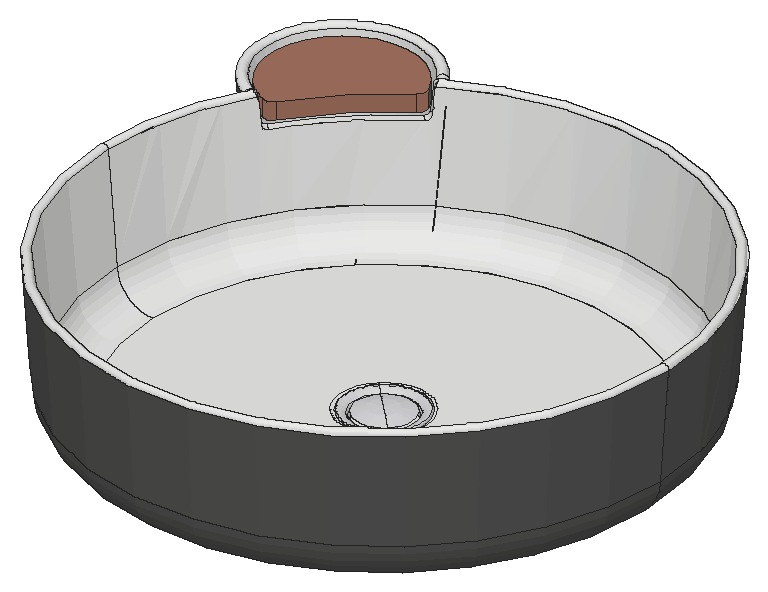
Revit family "Sink-Undermount-Vessel-Lavatory-KOHLER-SYLVA-K-1766T_1", category Plumbing Fixtures, host Face, Revit 2017
Family settings
  Host = Face
  Round Connector Dimension = Use Diameter
  Part Type = Normal
  OmniClass Number = 23.31.13.00
  OmniClass Title = Sinks
  Cut with Voids When Loaded = No
  Shared = No
  Room Calculation Point = No
Parameters (values of type "0-White")
  Width = 15 131/256"  # constant formula
  WaterSense Certified = 1 = 0  # no
  Waste Water Outlet = "Waste Water Outlet"  # constant formula
  Waste Connection = 1 = 1  # yes
  Vessel [instance] = not(Under Mount)  # no
  Vent Connection = 1 = 0  # no
  Under Mount [instance] = yes
  URL = "http://www.kohler.com.cn/en/"
  Top Cut [instance] = if(Vessel, 4 51/256", 0")  # 0"
  Product Page URL = "https://www.kohler.com.cn/product/K-1766T/K-1766T-0/"
  Product Name = "SYLVA"  # constant formula
  Product Documentation Link = ""
  Model = "K-1766T-0"  # constant formula
  Material = "Cast Iron"  # constant formula
  Master Format 2014 Name = "Residential Lavatories and Sinks"  # constant formula
  Master Format 2014 = "22 41 16"  # constant formula
  Manufacturer Address = "158 Jiangchang 3rd Road Zhabei District Shanghai, 200436 China"  # constant formula
  Manufacturer = "KOHLER Co."  # constant formula
  Length = 15 131/256"  # constant formula
  Installation Height [instance] = if(Under Mount, 0", 5 17/256")  # 0"
  Hot Water Inlet = "Hot Water Inlet"  # constant formula
  Height = 5 121/256"  # constant formula
  HW Connection = 1 = 0  # no
  Finish = KOHLER-Cast_Iron-0-White
  Environmental Product Declaration = ""
  Drain Included = 1 = 0  # no
  Description = "Fashion washbasin / under counter washbasin"  # constant formula
  Default Elevation = 36"
  Declare Label = ""
  Date Modified = "07/01/2020"  # constant formula
  Date Created = "07/01/2020"  # constant formula
  Copyright = "Copyright KOHLER Co."  # constant formula
  Contact Us = "http://www.kohler.com.cn/en/contact/contact-us/"
  Cold Water Inlet = "Cold Water Inlet"  # constant formula
  CW Connection = 1 = 0  # no
  Assembly Code = "D2010400"
  ADA Compliant = 1 = 0  # no
Reference planes (in)
  plane 1 "Center (Front/Back)": y = 0
  plane 2: z = 0
  plane 3 "Center (Left/Right)": x = 0
  plane 4: y = 8.04321
  plane 5: y = 7.75581
  plane 6: y = -7.75591
  plane 7: z = 0
  plane 8: z = 0
  plane 9: x = -7.75591
  plane 10: x = 7.75581
  plane 11: z = -1
  plane 12: z = -5.88189
  plane 13: z = -6.47244
  plane 14: z = -1
  plane 15: z = 0
  plane 16: z = -5.06808
  plane 17: z = -1
  plane 18: z = -6.47266
Forms (in)
  Extrusion 1, void
    sketch origin (0, 0, 0) x (1, 0, 0) y (0, 1, 0)
      loop
        circle (-0.00005, 0.00005) r 7.38189
    from -1 to 0
  Extrusion 2, void
    sketch origin (0, 0, 0) x (1, 0, 0) y (0, 1, 0)
      loop
        arc (-6.93392, 3.79846) -> (5.51437, -5.49162) -> (-3.75664, 6.97088) r 7.84877
        arc (-3.75664, 6.97088) -> (-7.33135, 7.37379) -> (-6.93392, 3.79846) r 2.30193
    from -5.06808 to -1
  Extrusion 3, void
    sketch origin (0, 0, 0) x (1, 0, 0) y (0, 1, 0)
      loop
        arc (-4.92662, 3.25629) -> (4.17583, -4.17583) -> (-3.25629, 4.92662) r 5.90551
        line (-3.25629, 4.92662) -> (-5.00441, 6.67474)
        arc (-5.00441, 6.67474) -> (-6.67474, 6.67474) -> (-6.67474, 5.00441) r 1.1811
        line (-6.67474, 5.00441) -> (-4.92662, 3.25629)
    from -6.47244 to -5.06808
Dimensions and locks (in)
  plane 4 to plane 6 = 15.79912"
  "Width": plane 9 to plane 10
  "Length": plane 5 to plane 6
  plane 11 to plane 12 = 4.88189"
  locked: plane 11 to plane 13 at 5.47244
  locked: host face to plane 14 at 1
  "Installation Height": plane 11 to plane 14
  locked: plane 15 to plane 11 at 1
  locked: plane 11 to plane 16 at 4.06808
  "Height": plane 17 to plane 18
  aligned and locked: plane 2 to host face
  aligned and locked: level to host face
  aligned and locked: plane 11 to nested 1
  aligned and locked: plane 11 to Extrusion 2
  aligned and locked: Extrusion 1 to plane 11
  aligned and locked: plane 15 to Extrusion 1
  aligned and locked: plane 13 to Extrusion 3
  aligned and locked: plane 16 to Extrusion 2
  aligned and locked: Extrusion 3 to plane 16
  aligned and locked: plane 11 to plane 17
Automatic sketch dimensions
  host sketch curve to host sketch curve = 96"  (x2)
  Extrusion 1 sketch curve to plane 3 "Center (Left/Right)" = 0.00005"
  Extrusion 1 sketch curve to plane 1 "Center (Front/Back)" = 0.00005"
  plane 5 to Extrusion 2 sketch curve = 2.01098"
  Extrusion 2 sketch curve to plane 3 "Center (Left/Right)" = 5.70489"
  Extrusion 2 sketch curve to plane 3 "Center (Left/Right)" = 0.0313"
  Extrusion 2 sketch curve to plane 1 "Center (Front/Back)" = 0.06255"
  Extrusion 2 sketch curve to Extrusion 2 sketch curve = 1.22903"
  plane 5 to Extrusion 2 sketch curve = 0.78493"
  plane 1 "Center (Front/Back)" to Extrusion 3 sketch curve = 0"
  Extrusion 3 sketch curve to plane 3 "Center (Left/Right)" = 0"
  plane 5 to Extrusion 3 sketch curve = 1.08107"
  Extrusion 3 sketch curve to plane 9 = 2.75149"
  Extrusion 3 sketch curve to Extrusion 3 sketch curve = 0.83517"
  Extrusion 3 sketch curve to plane 9 = 1.08116"
  Extrusion 3 sketch curve to Extrusion 3 sketch curve = 1.67033"  (x3)
  Extrusion 3 sketch curve to plane 3 "Center (Left/Right)" = 3.25629"
  radius of Extrusion 1 sketch curve = 7.38189"
Nested families (in)
  nested 1: "K-1766T" at (0, 0, -6.47244), type "K-1766T"
Connectors (in)
  piping at (0, 0, -6.47244), diameter 1.25, driven by "Waste Connection", driven by "Waste Water Outlet"
    settings: on nested 1, index 1, connector inside diameter 24", connector length 0", flow factor 0, pipe flow 0 GPM, pressure drop 0.00 psi, fitting loss kfactor 0, connector angle 0.00°, fixture units 0, engagement length 0", angle of deflection 0.00°, flow configuration 0, flow direction 2, fitting loss method 0, system type 16, joint type 0, gender type 0, connector reference index -1, connector utility 1, adjustable connector no, is connector primary yes, connector description "Waste Water Outlet"
Definition of nested family "K-1766T"
  Parameters (values of type "K-1766T")
    Material = none
  Reference planes (in)
    plane 1 "Center (Front/Back)": y = 0
    plane 2: z = 0
    plane 3 "Center (Left/Right)": x = 0
    plane 4: x = 7.75591
    plane 5: y = 7.75591
    plane 6: y = -7.75591
    plane 7: x = -7.75591
    plane 8: y = 8.0315
    plane 9 "B": through (-7.58274, 7.15742, 48) normal (-0.7071, 0.7071, 0)
    plane 10: through (5.48444, -5.54658, 48) normal (-0.7071, 0.7071, 0)
    plane 11: z = 5.47244
    plane 12: z = 0.59055
    plane 13 "A": through (-7.75591, 7.75591, 48) normal (0.7071, 0.7071, 0)
    plane 14: z = 5.34923
  Forms (in)
    Sweep 1, solid, material <- "Material", detail levels medium+fine
      path origin (0, 0, 0) x (1, 0, 0) y (0, 1, 0)
        loop
          circle (0, 0) r 7.75591
      profile origin (7.75591, 0, 0) x (-1, 0, 0) y (0, 0, 1)
        loop
          arc (0.21986, 2.56699) -> (0.62044, 1.73634) -> (1.47895, 1.39958) r 1.26269
          line (1.47895, 1.39958) -> (5.62208, 1.39958) -> (5.62208, 1.68702) -> (1.45282, 1.68702)
          arc (1.45282, 1.68702) -> (0.78664, 1.94674) -> (0.47203, 2.58882) r 0.98425
          line (0.47203, 2.58882) -> (0.23827, 5.36939)
          arc (0.23827, 5.36939) -> (0.11462, 5.47431) -> (0.00918, 5.35109) r 0.11491
          line (0.00918, 5.35109) -> (0.21986, 2.56699)
    Extrusion 2, solid, material <- "Material", detail levels medium+fine
      sketch origin (0, 0, 0) x (1, 0, 0) y (0, 1, 0)
        loop
          circle (0, 0) r 2.13383
      from 1.39958 to 1.68702
    Sweep 3, solid, material <- "Material", detail levels medium+fine
      path origin (0.09843, -0.09843, 0) x (1, 0, 0) y (0, 1, 0)
        loop
          line (-5.5926, 3.10106) -> (-6.85648, 3.79006)
          arc (-6.85648, 3.79006) -> (-7.44183, 7.2952) -> (-3.89845, 7.02477) r 2.25723
          line (-3.89845, 7.02477) -> (-3.07686, 5.79345)
      profile origin (-7.34341, 7.19678, 0) x (-0.737963, 0.674841, 0) y (0, 0, 1)
        loop
          line (-0.26805, 1.98493) -> (0.01623, 5.33509)
          arc (0.01623, 5.33509) -> (-0.09891, 5.47201) -> (-0.23617, 5.35727) r 0.12669
          line (-0.23617, 5.35727) -> (-0.53726, 2.04281)
          arc (-0.53726, 2.04281) -> (-0.66385, 1.78772) -> (-0.92935, 1.68472) r 0.3937
          line (-0.92935, 1.68472) -> (-1.83978, 1.68472) -> (-1.83978, 1.42882) -> (-0.87335, 1.42882)
          arc (-0.87335, 1.42882) -> (-0.46236, 1.58895) -> (-0.26805, 1.98493) r 0.60747
    Extrusion 4, solid, material <- "Material", detail levels medium+fine
      sketch origin (0.09843, -0.09843, 0) x (1, 0, 0) y (0, 1, 0)
        loop
          arc (-5.42883, 6.00363) -> (-6.08414, 6.05364) -> (-5.97589, 5.4054) r 0.41745
          line (-5.97589, 5.4054) -> (-4.48872, 4.59469) -> (-5.42883, 6.00363)
      from 1.42882 to 1.68472
    Extrusion 5, void
      sketch origin (0, 0, 0) x (-0.707107, 0.707107, 0) y (0, 0, 1)
        loop
          line (7.37733, 5.65248) -> (5.77362, 5.65248) -> (5.77362, 1.63551) -> (6.31496, 1.63551)
          arc (6.31496, 1.63551) -> (6.95026, 1.87626) -> (7.26646, 2.47757) r 0.95862
          line (7.26646, 2.47757) -> (7.37733, 5.65248)
      from -3.18225 to 2.66759
    Extrusion 6, void
      sketch origin (-7.37008, 7.37008, 0) x (-0.707107, -0.707107, 0) y (0, 0, 1)
        loop
          arc (1.67824, 4.55253) -> (1.78272, 4.59264) -> (1.83351, 4.69235) r 0.15612
          line (1.83351, 4.69235) -> (1.89807, 5.30736)
          arc (1.89807, 5.30736) -> (1.9487, 5.43209) -> (2.05802, 5.51066) r 0.2427
          line (2.05802, 5.51066) -> (2.05802, 5.80574) -> (-2.05802, 5.80574) -> (-2.05802, 5.51066)
          arc (-2.05802, 5.51066) -> (-1.9487, 5.43209) -> (-1.89807, 5.30736) r 0.2427
          line (-1.89807, 5.30736) -> (-1.83364, 4.69357)
          arc (-1.83364, 4.69357) -> (-1.7824, 4.59299) -> (-1.67702, 4.55253) r 0.15748
          line (-1.67702, 4.55253) -> (1.67824, 4.55253)
      from -3.5512 to -2.03739
    Extrusion 7, solid, detail levels medium+fine
      sketch origin (0.0087, -0.0087, 0) x (1, 0, 0) y (0, 1, 0)
        loop
          arc (-4.08784, 6.21649) -> (-3.9907, 6.34839) -> (-4.00271, 6.51176) r 0.23622
          arc (-4.00271, 6.51176) -> (-7.06729, 7.0658) -> (-6.51195, 4.00145) r 1.89491
          arc (-6.51195, 4.00145) -> (-6.34896, 3.98953) -> (-6.21739, 4.08648) r 0.2357
          arc (-6.21739, 4.08648) -> (-5.2614, 5.26024) -> (-4.08784, 6.21649) r 7.44896
      from 4.77323 to 5.20966
    Sweep 8, solid, material <- "Material", detail levels medium+fine
      path origin (0, 0, 0) x (-0.707107, 0.707107, 0) y (0, 0, 1)
        loop
          arc (9.42399, 1.51591) -> (9.29363, 1.41194) -> (9.18382, 1.28646) r 0.93478
          arc (9.18382, 1.28646) -> (8.5826, 0.76484) -> (7.81369, 0.55908) r 1.77165
          line (7.81369, 0.55908) -> (1.17815, 0.32736)
      profile origin (-3.1791, 3.1791, 0.44322) x (-0.024678, 0.024678, -0.999391) y (0.707107, 0.707107, 0)
        loop
          arc (-0.25483, -0.47011) -> (-0.00017, 0.0004) -> (-0.25483, 0.47091) r 0.56198
          line (-0.25483, 0.47091) -> (-0.69166, 0.75623)
          arc (-0.69166, 0.75623) -> (-0.93677, 1.00394) -> (-1.05822, 1.33058) r 0.82779
          line (-1.05822, 1.33058) -> (-1.05822, -1.18297)
          arc (-1.05822, -1.18297) -> (-0.89032, -0.93307) -> (-0.66242, -0.73633) r 1.13065
          line (-0.66242, -0.73633) -> (-0.25483, -0.47011)
    Extrusion 9, void
      sketch origin (0, 0, 0) x (-0.707107, 0.707107, 0) y (0, 0, 1)
        loop
          line (9.4967, 1.59861) -> (9.4967, 2.50412) -> (7.75616, 2.50412) -> (7.75616, 1.59861) -> (9.4967, 1.59861)
      from -1.43676 to 2.05349
    Revolve 10, solid, material <- "Material", detail levels medium+fine
      sketch origin (0, 0, 0) x (-0.707107, 0.707107, 0) y (0, 0, 1)
        loop
          line (-0.94695, 0) -> (-0.94695, 0.19685) -> (-1.1438, 0.19685) -> (-1.31726, 1.29202) -> (0, 1.29202) -> (0, 1.42059) -> (-1.90744, 1.42059)
          arc (-1.90744, 1.42059) -> (-1.64146, 1.31716) -> (-1.51523, 1.0612) r 0.3937
          line (-1.51523, 1.0612) -> (-1.43811, 0.17969)
          arc (-1.43811, 0.17969) -> (-1.375, 0.05172) -> (-1.24201, 0) r 0.19685
          line (-1.24201, 0) -> (-0.94695, 0)
        axis (0, 1.42059) -> (0, 0)
      angle from 0 to 360
    Revolve 11, solid, detail levels medium+fine
      sketch origin (0, 0, 0.34449) x (-0.707107, 0.707107, 0) y (0, 0, 1)
        loop
          line (0.00007, 0.86823) -> (0.79692, 0.86823) -> (0.80705, 1.15818)
          arc (0.80705, 1.15818) -> (0.82162, 1.20109) -> (0.85745, 1.22883) r 0.07862
          line (0.85745, 1.22883) -> (1.04243, 1.29984)
          arc (1.04243, 1.29984) -> (1.06106, 1.33474) -> (1.02917, 1.35815) r 0.03021
          arc (1.02917, 1.35815) -> (0.9117, 1.32808) -> (0.81095, 1.2606) r 0.35877
          arc (0.81095, 1.2606) -> (0.79014, 1.23452) -> (0.77718, 1.20378) r 0.12192
          line (0.77718, 1.20378) -> (0.73527, 1.0474)
          arc (0.73527, 1.0474) -> (0.72393, 1.02651) -> (0.70435, 1.01305) r 0.05091
          line (0.70435, 1.01305) -> (0.62512, 0.98264) -> (0.62512, 0.94756) -> (0.2322, 0.94756) -> (0.2322, 1.09756) -> (0.42667, 1.09756)
          arc (0.42667, 1.09756) -> (0.44086, 1.10344) -> (0.44674, 1.11763) r 0.02007
          line (0.44674, 1.11763) -> (0.44674, 1.23723)
          arc (0.44674, 1.23723) -> (0.46441, 1.27989) -> (0.50707, 1.29756) r 0.06033
          line (0.50707, 1.29756) -> (0.73051, 1.29756)
          arc (0.73051, 1.29756) -> (0.36938, 1.37961) -> (0.00007, 1.40716) r 2.48882
          line (0.00007, 1.40716) -> (0.00007, 0.86823)
        axis (0.00007, 1.40716) -> (0.00007, 0.86823)
      angle from 0 to 360
    Revolve 12, void
      sketch origin (0, 0, 0.24606) x (-0.707107, 0.707107, 0) y (0, 0, 1)
        loop
          line (0.00007, 1.56574) -> (0.00007, 1.0506) -> (0.87883, 1.0506) -> (0.87883, 1.1689)
          arc (0.87883, 1.1689) -> (0.95851, 1.36128) -> (1.15088, 1.44096) r 0.27206
          line (1.15088, 1.44096) -> (1.25522, 1.44096) -> (1.25522, 1.56574) -> (0.00007, 1.56574)
        axis (0.00007, 1.0506) -> (0.00007, 1.56574)
      angle from 0 to 360
    Revolve 13, solid, material <- "Material", detail levels medium+fine
      sketch origin (0.0131, 5.114, 0) x (-0.707107, 0.707107, 0) y (0, 0, 1)
        loop
          line (-7.22461, 0.59055) -> (-7.22461, 1.40609) -> (-7.79835, 1.40609)
          arc (-7.79835, 1.40609) -> (-7.65821, 1.3523) -> (-7.59006, 1.21855) r 0.20943
          line (-7.59006, 1.21855) -> (-7.52406, 0.59055) -> (-7.22461, 0.59055)
        axis (-7.22461, 1.40609) -> (-7.22461, 0.59055)
      angle from 0 to 360
    Revolve 14, solid, material <- "Material", detail levels medium+fine
      sketch origin (-0.0131, 5.114, 0) x (0.707107, 0.707107, 0) y (0, 0, -1)
        loop
          line (-7.22461, -0.59055) -> (-7.52406, -0.59055) -> (-7.59006, -1.21855)
          arc (-7.59006, -1.21855) -> (-7.65821, -1.3523) -> (-7.79835, -1.40609) r 0.20943
          line (-7.79835, -1.40609) -> (-7.22461, -1.40609) -> (-7.22461, -0.59055)
        axis (-7.22461, -1.40609) -> (-7.22461, -0.59055)
      angle from 0 to 360
    Revolve 15, solid, material <- "Material", detail levels medium+fine
      sketch origin (5.1749, -0.07453, 0) x (0.716389, 0.697701, 0) y (0, 0, 1)
        loop
          line (-7.22461, 0.59055) -> (-7.22461, 1.40609) -> (-7.79835, 1.40609)
          arc (-7.79835, 1.40609) -> (-7.65821, 1.3523) -> (-7.59006, 1.21855) r 0.20943
          line (-7.59006, 1.21855) -> (-7.52406, 0.59055) -> (-7.22461, 0.59055)
        axis (-7.22461, 1.40609) -> (-7.22461, 0.59055)
      angle from 0 to 360
    Revolve 16, solid, material <- "Material", detail levels medium+fine
      sketch origin (5.03991, -0.06063, 0) x (0.697701, -0.716389, 0) y (0, 0, -1)
        loop
          line (-7.22461, -0.59055) -> (-7.52406, -0.59055) -> (-7.59006, -1.21855)
          arc (-7.59006, -1.21855) -> (-7.65821, -1.3523) -> (-7.79835, -1.40609) r 0.20943
          line (-7.79835, -1.40609) -> (-7.22461, -1.40609) -> (-7.22461, -0.59055)
        axis (-7.22461, -1.40609) -> (-7.22461, -0.59055)
      angle from 0 to 360
    Extrusion 17, solid, material <- "Material", detail levels coarse
      sketch origin (0, 0, 0) x (1, 0, 0) y (0, 1, 0)
        loop
          circle (0, 0) r 7.75591
        loop
          circle (0, 0) r 7.48031
      from 1.39958 to 5.47244
    Extrusion 18, solid, material <- "Material", detail levels coarse
      sketch origin (0, 0, 0) x (1, 0, 0) y (0, 1, 0)
        loop
          circle (0, 0) r 7.48031
      from 1.39958 to 1.55523
    Extrusion 19, solid, material <- "Material", detail levels coarse
      sketch origin (0, 0, 0) x (1, 0, 0) y (0, 1, 0)
        loop
          line (-6.80328, 3.72416) -> (-6.68321, 3.9204)
          arc (-6.68321, 3.9204) -> (-7.05804, 7.0526) -> (-3.92443, 6.68976) r 2.00944
          line (-3.92443, 6.68976) -> (-3.72364, 6.80235)
          arc (-3.72364, 6.80235) -> (-7.29506, 7.29582) -> (-6.80328, 3.72416) r 2.26157
      from 1.39958 to 5.47244
    Sweep 20, solid, material <- "Material", detail levels coarse
      path origin (0, 0, 0) x (-0.707107, 0.707107, 0) y (0, 0, 1)
        loop
          line (9.09222, 1.98232) -> (9.09222, 0.60437) -> (1.25733, 0.60437)
      profile origin (-3.65912, 3.65912, 0.60437) x (0, 0, -1) y (0.707107, 0.707107, 0)
        loop
          line (0, 0.70717) -> (-0.79521, 0.70717) -> (-0.79521, -0.70717) -> (0, -0.70717) -> (0, 0.70717)
    Revolve 21, solid, material <- "Material", detail levels coarse
      sketch origin (0, 0, 0) x (-0.707107, 0.707107, 0) y (0, 0, 1)
        loop
          line (-1.43992, 1.42059) -> (-1.43992, -0.00036) -> (0.0178, -0.00036) -> (0.0178, 1.42059) -> (-1.43992, 1.42059)
        axis (0.0178, 1.42059) -> (0.0178, -0.00036)
      angle from 0 to 360
    Extrusion 22, solid, material <- "Material", detail levels coarse
      sketch origin (0, 0, 0) x (1, 0, 0) y (0, 1, 0)
        loop
          arc (-3.92443, 6.68976) -> (-7.05532, 7.05532) -> (-6.68976, 3.92443) r 2.00944
          arc (-6.68976, 3.92443) -> (-5.48425, 5.48425) -> (-3.92443, 6.68976) r 7.75591
      from 1.39958 to 1.55523
  Cuts and joins
    Extrusion 6, Revolve 12 cuts Sweep 1
    Revolve 12 cuts Extrusion 2
    joined: Sweep 1, Extrusion 2
    Extrusion 5 cuts Sweep 3
    Extrusion 9 cuts Sweep 8
    joined: Sweep 3, Extrusion 4, Sweep 8, Revolve 13, Revolve 14, Revolve 15, Revolve 16
    joined: Extrusion 17, Extrusion 18
    joined: Extrusion 19, Extrusion 22
  Lines and regions (in)
    Masking region 1
      outline origin (0, 0, 0) x (1, 0, 0) y (0, 1, 0)
        loop
          arc (-6.91852, 3.50545) -> (5.48404, -5.48447) -> (-3.50491, 6.91879) r 7.75591
          arc (-3.50491, 6.91879) -> (-3.67345, 6.90127) -> (-3.81068, 7.00068) r 0.23719
          arc (-3.81068, 7.00068) -> (-7.37028, 7.36988) -> (-7.00021, 3.81037) r 2.30479
          arc (-7.00021, 3.81037) -> (-6.90104, 3.67353) -> (-6.91852, 3.50545) r 0.2365
    Masking region 2
      outline origin (0, 0, 0) x (1, 0, 0) y (0, 0, 1)
        loop
          arc (-7.82384, 5.47244) -> (-7.91806, 5.43105) -> (-7.95132, 5.33365) r 0.12794
          line (-7.95132, 5.33365) -> (-7.66674, 1.99084)
          arc (-7.66674, 1.99084) -> (-7.47076, 1.59167) -> (-7.0564, 1.43025) r 0.61254
          line (-7.0564, 1.43025) -> (-6.70093, 1.43025)
          arc (-6.70093, 1.43025) -> (-6.2419, 0.83104) -> (-5.53044, 0.57889) r 1.32763
          line (-5.53044, 0.57889) -> (-1.48513, 0.36688) -> (-1.46875, 0.17969)
          arc (-1.46875, 0.17969) -> (-1.40564, 0.05172) -> (-1.27265, 0) r 0.19685
          line (-1.27265, 0) -> (-0.12316, 0) -> (1.25317, 0)
          arc (1.25317, 0) -> (1.38616, 0.05172) -> (1.44927, 0.17969) r 0.19685
          line (1.44927, 0.17969) -> (1.52244, 1.016)
          arc (1.52244, 1.016) -> (1.64518, 1.25509) -> (1.90009, 1.34027) r 0.35604
          line (1.90009, 1.34027) -> (4.55995, 1.39961)
          arc (4.55995, 1.39961) -> (4.69167, 1.34904) -> (4.75572, 1.22333) r 0.19685
          line (4.75572, 1.22333) -> (4.82223, 0.59055) -> (5.42112, 0.59055) -> (5.48763, 1.22333)
          arc (5.48763, 1.22333) -> (5.55168, 1.34904) -> (5.6834, 1.39961) r 0.19685
          line (5.6834, 1.39961) -> (6.27374, 1.39961)
          arc (6.27374, 1.39961) -> (7.13261, 1.73521) -> (7.53642, 2.56421) r 1.26682
          line (7.53642, 2.56421) -> (7.75828, 5.30496)
          arc (7.75828, 5.30496) -> (7.71773, 5.42254) -> (7.60382, 5.47244) r 0.15497
          line (7.60382, 5.47244) -> (-7.82384, 5.47244)
    Masking region 3
      outline origin (0, 0, 0) x (0, 1, 0) y (0, 0, 1)
        loop
          line (7.90387, 5.47244) -> (-7.60093, 5.47244)
          arc (-7.60093, 5.47244) -> (-7.71485, 5.42254) -> (-7.7554, 5.30496) r 0.15497
          line (-7.7554, 5.30496) -> (-7.53354, 2.56421)
          arc (-7.53354, 2.56421) -> (-7.12973, 1.73521) -> (-6.27085, 1.39961) r 1.26682
          line (-6.27085, 1.39961) -> (-5.68052, 1.39961)
          arc (-5.68052, 1.39961) -> (-5.5488, 1.34904) -> (-5.48474, 1.22333) r 0.19685
          line (-5.48474, 1.22333) -> (-5.41824, 0.59055) -> (-4.81935, 0.59055) -> (-4.75284, 1.22333)
          arc (-4.75284, 1.22333) -> (-4.68879, 1.34904) -> (-4.55707, 1.39961) r 0.19685
          line (-4.55707, 1.39961) -> (-1.8972, 1.34027)
          arc (-1.8972, 1.34027) -> (-1.6423, 1.25509) -> (-1.51956, 1.016) r 0.35604
          line (-1.51956, 1.016) -> (-1.44639, 0.17969)
          arc (-1.44639, 0.17969) -> (-1.38328, 0.05172) -> (-1.25029, 0) r 0.19685
          line (-1.25029, 0) -> (0.12605, 0) -> (1.27554, 0)
          arc (1.27554, 0) -> (1.40853, 0.05172) -> (1.47164, 0.17969) r 0.19685
          line (1.47164, 0.17969) -> (1.48801, 0.36688) -> (5.53333, 0.57889)
          arc (5.53333, 0.57889) -> (6.24479, 0.83104) -> (6.70381, 1.43025) r 1.32763
          line (6.70381, 1.43025) -> (7.13644, 1.43025)
          arc (7.13644, 1.43025) -> (7.55079, 1.59167) -> (7.74677, 1.99084) r 0.61254
          line (7.74677, 1.99084) -> (8.03135, 5.33365)
          arc (8.03135, 5.33365) -> (7.9981, 5.43105) -> (7.90387, 5.47244) r 0.12794
    symbolic lines
      curve 1: circle (0, 0, 0) r 6.25 normal (0, 0, 1)
      curve 4: circle (0, 0, 0) r 1.34758 normal (0, 0, 1)
    symbolic lines, detail levels medium+fine
      curve 2: arc (-6.615, 3.66279, 0) -> (5.34613, -5.34726, 0) -> (-3.66139, 6.61577, 0) r 7.56136
      curve 3: circle (0, 0, 0) r 0.75 normal (0, 0, 1)
      curve 5: arc (-6.73101, 3.85162, 0) -> (-7.228, 7.22783, 0) -> (-3.8516, 6.73222, 0) r 2.12642
      curve 6: arc (-3.8516, 6.73222, 0) -> (-3.77223, 6.6483, 0) -> (-3.66139, 6.61577, 0) r 0.22144
      curve 7: arc (-6.615, 3.66279, 0) -> (-6.64755, 3.77284, 0) -> (-6.73101, 3.85162, 0) r 0.22047
      curve 8: line (-1.49191, 0, 0.36629) -> (-1.54617, 0, 0.9864)
      curve 9: arc (-1.54617, 0, 0.9864) -> (-1.66408, 0, 1.23055) -> (-1.91427, 0, 1.33502) r 0.38212
      curve 10: line (-6.70093, 0, 1.43025) -> (6.27374, 0, 1.39961)
      curve 11: line (-7.74587, 0, 5.34923) -> (-7.53595, 0, 2.56891)
      curve 12: arc (-7.65264, 0, 5.47244) -> (-7.72255, 0, 5.42847) -> (-7.74587, 0, 5.34923) r 0.11674
      curve 13: arc (-7.53595, 0, 2.56891) -> (-7.23447, 0, 1.83953) -> (-6.55986, 0, 1.42992) r 1.26754
      curve 14: line (0.29936, 0, 0.59055) -> (-0.29936, 0, 0.59055)
      curve 15: line (-0.29936, 0, 0.59055) -> (-0.36622, 0, 1.22672)
      curve 16: arc (-0.36622, 0, 1.22672) -> (-0.43111, 0, 1.35828) -> (-0.5659, 0, 1.41615) r 0.21186
      curve 17: line (0.29936, 0, 0.59055) -> (0.36622, 0, 1.22672)
      curve 18: arc (0.36622, 0, 1.22672) -> (0.42015, 0, 1.34708) -> (0.53485, 0, 1.41221) r 0.21186
      curve 19: line (-4.82433, 0, 0.59055) -> (-5.42079, 0, 0.59055)
      curve 20: line (-5.42079, 0, 0.59055) -> (-5.48878, 0, 1.23746)
      curve 21: arc (-5.48878, 0, 1.23746) -> (-5.55367, 0, 1.36902) -> (-5.68846, 0, 1.42689) r 0.21186
      curve 22: line (-4.82433, 0, 0.59055) -> (-4.75634, 0, 1.23746)
      curve 23: arc (-4.75634, 0, 1.23746) -> (-4.7024, 0, 1.35783) -> (-4.58771, 0, 1.42296) r 0.21186
      curve 24: line (-4.58771, 0, 1.42296) -> (-1.91427, 0, 1.33502)
      curve 25: line (-1.91427, 0, 1.33502) -> (-0.40998, 0, 1.33502)
      curve 26: line (0.40998, 0, 1.33502) -> (1.66455, 0, 1.33502)
      curve 27: line (4.55995, 0, 1.39961) -> (1.66455, 0, 1.33502)
      curve 28: line (-1.46875, 0, 0.17969) -> (1.44927, 0, 0.17969)
      curve 29: line (0, 6.70381, 1.43025) -> (0, -5.68052, 1.39961)
      curve 30: line (0, 3.81721, 2.03513) -> (0, 3.6621, 5.47244)
      curve 31: arc (0, 3.74407, 1.73474) -> (0, 3.8021, 1.87971) -> (0, 3.81721, 2.03513) r 0.55182
      curve 32: arc (0, 3.63346, 1.42266) -> (0, 3.67451, 1.58375) -> (0, 3.74407, 1.73474) r 0.91391
      curve 33: line (0, 1.47164, 0.17969) -> (0, -1.44639, 0.17969)
      curve 34: line (0, 1.51956, 1.016) -> (0, 1.48801, 0.36688)
      curve 35: arc (0, 1.86767, 1.34095) -> (0, 1.63129, 1.24524) -> (0, 1.51956, 1.016) r 0.35604
      curve 36: line (0, 6.70381, 1.43025) -> (0, 1.86767, 1.34095)
      curve 37: line (0, -0.29401, 0.59055) -> (0, 0.30323, 0.59055)
      curve 38: line (0, 0.30323, 0.59055) -> (0, 0.37027, 1.22834)
      curve 39: line (0, -0.29401, 0.59055) -> (0, -0.37061, 1.23136)
      curve 40: arc (0, 0.37027, 1.22834) -> (0, 0.42424, 1.34921) -> (0, 0.5391, 1.415) r 0.21343
      curve 41: arc (0, -0.37061, 1.23136) -> (0, -0.42144, 1.34604) -> (0, -0.52792, 1.41236) r 0.21343
      curve 42: line (0, 1.86767, 1.34095) -> (0, 0.38597, 1.28921)
      curve 43: line (0, -1.8972, 1.34027) -> (0, -0.38659, 1.29066)
      curve 44: arc (-6.41221, 3.92418, 0) -> (-5.31493, 5.31541, 0) -> (-3.91703, 6.40419, 0) r 7.36215
      curve 45: arc (-6.60455, 3.8692, 0) -> (-7.12471, 7.1364, 0) -> (-3.86055, 6.59746, 0) r 2.03924
      curve 46: arc (-6.41221, 3.92418, 0) -> (-6.49764, 3.8591, 0) -> (-6.60455, 3.8692, 0) r 0.1475
      curve 47: arc (-3.91703, 6.40419, 0) -> (-3.85101, 6.48978, 0) -> (-3.86055, 6.59746, 0) r 0.14844
  Dimensions and locks (in)
    plane 1 "Center (Front/Back)" to plane 5 = 7.75591"
    plane 3 "Center (Left/Right)" to plane 4 = 7.75591"
    plane 1 "Center (Front/Back)" to plane 8 = 8.0315"
    plane 9 "B" to plane 10 = 18.22297"
    plane 11 to plane 2 = 5.47244"
    plane 11 to plane 12 = 4.88189"
    aligned and locked: plane 2 to level
